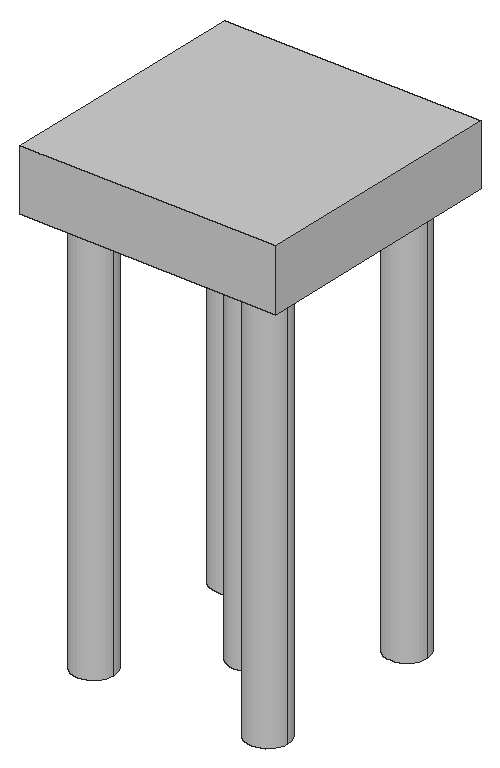
Revit family "Bloco de fundação - 5 Estacas", category Fundações estruturais, Revit 2019
Family settings
  Material para o comportamento do modelo = Outros
  Cap = Não
  Com base no plano de trabalho = Não
  Sempre na vertical = Sim
  Corte com vazios quando carregada = Não
  Compartilhado = Não
Parameters (values of type "3750x3750x900mm")
  Largura = 3750 mm
  Structural Material [instance] = Concreto - Moldado in loco
  Tipo do pilar [instance] = Estaca de concreto : Diâmetro de 600 mm
  Profundidade da estaca [instance] = 6000 mm
  Comprimento = 3750 mm
  Espessura da fundação = 900 mm
  Cortado = 100 mm
  Apuramento = 600 mm
  Código de montagem = "A1010130"
Reference planes
  plane 1 "Centro (Frente/Trás)": y = 0
  plane 2: z = 0
  plane 3 "Centro (Esquerda/Direita)": x = 0
  plane 4: x = -1875
  plane 5: x = 1875
  plane 6: y = 1875
  plane 7: y = -1875
  plane 8: z = -900
  plane 9: x = -1275
  plane 10: x = 1275
  plane 11: y = 1275
  plane 12: y = -1275
  plane 13: z = -800
  plane 14: z = -6900
Forms (mm)
  Extrusion 1, solid, material "Concreto - Moldado in loco" <- "Structural Material"
    sketch origin (0, 0, 0) x (1, 0, 0) y (0, 1, 0)
      loop
        line (-1875, 1875) -> (-1875, -1875) -> (1875, -1875) -> (1875, 1875) -> (-1875, 1875)
    from -900 to 0
Dimensions and locks
  "Largura": plane 4 to plane 5
  "Comprimento": plane 6 to plane 7
  equal spacing: plane 6, plane 1 "Centro (Frente/Trás)", plane 7
  equal spacing: plane 4, plane 3 "Centro (Esquerda/Direita)", plane 5
  "Espessura da fundação": plane 2 to plane 8
  "Apuramento": plane 4 to plane 9
  "Apuramento": plane 10 to plane 5
  "Apuramento": plane 6 to plane 11
  "Apuramento": plane 7 to plane 12
  "Cortado": plane 13 to plane 8
  "Profundidade da estaca": plane 8 to plane 14
  aligned and locked: Extrusion 1 sketch curve to plane 4
  aligned and locked: Extrusion 1 sketch curve to plane 5
  aligned and locked: Extrusion 1 sketch curve to plane 6
  aligned and locked: plane 7 to Extrusion 1 sketch curve
  aligned and locked: level to Extrusion 1
  aligned and locked: Extrusion 1 to plane 8
  aligned and locked: nested 5 to plane 9
  aligned and locked: nested 5 to plane 11
  aligned and locked: nested 1 to plane 12
  aligned and locked: nested 1 to plane 9
  aligned and locked: plane 3 "Centro (Esquerda/Direita)" to nested 3
  aligned and locked: plane 1 "Centro (Frente/Trás)" to nested 3
  aligned and locked: nested 2 to plane 10
  aligned and locked: plane 12 to nested 2
  aligned and locked: plane 11 to nested 4
  aligned and locked: plane 10 to nested 4
  aligned and locked: plane 13 to nested 1
  aligned and locked: nested 5 to plane 13
  aligned and locked: plane 13 to nested 3
  aligned and locked: nested 2 to plane 13
  aligned and locked: plane 13 to nested 4
Nested families
  nested 1: "Estaca de concreto" at (-1275, -1275, -900), type <- "Tipo do pilar", Emblocamento mínimo <- "Cortado", Linear <- "Profundidade da estaca", type "Diâmetro de 600 mm"
    with Structural Material Concreto - Moldado in loco, Emblocamento mínimo 100 mm, Linear 6000 mm
  nested 2: "Estaca de concreto" at (1275, -1275, -900), type <- "Tipo do pilar", Emblocamento mínimo <- "Cortado", Linear <- "Profundidade da estaca", type "Diâmetro de 600 mm"
    with Structural Material Concreto - Moldado in loco, Emblocamento mínimo 100 mm, Linear 6000 mm
  nested 3: "Estaca de concreto" at (0, 0, -900), type <- "Tipo do pilar", Emblocamento mínimo <- "Cortado", Linear <- "Profundidade da estaca", type "Diâmetro de 600 mm"
    with Structural Material Concreto - Moldado in loco, Emblocamento mínimo 100 mm, Linear 6000 mm
  nested 4: "Estaca de concreto" at (1275, 1275, -900), type <- "Tipo do pilar", Emblocamento mínimo <- "Cortado", Linear <- "Profundidade da estaca", type "Diâmetro de 600 mm"
    with Structural Material Concreto - Moldado in loco, Emblocamento mínimo 100 mm, Linear 6000 mm
  nested 5: "Estaca de concreto" at (-1275, 1275, -900), type <- "Tipo do pilar", Emblocamento mínimo <- "Cortado", Linear <- "Profundidade da estaca", type "Diâmetro de 600 mm"
    with Structural Material Concreto - Moldado in loco, Emblocamento mínimo 100 mm, Linear 6000 mm
Definition of nested family "Estaca de concreto"
  Parameters
    Structural Material [instance] = none
    Raio = Diâmetro / 2  # 300 mm
    Emblocamento mínimo [instance] = 100 mm
    Diâmetro = 600 mm
    Linear [instance] = 6000 mm
  Reference planes
    plane 1 "Centro (Frente/Trás)": y = 0
    plane 2: z = 0
    plane 3 "Centro (Esquerda/Direita)": x = 0
    plane 4: z = 100
    plane 5: z = -6000
  Forms (mm)
    Extrusion 1, solid, material <- "Structural Material"
      sketch origin (0, 0, 0) x (1, 0, 0) y (0, 1, 0)
        loop
          circle (0, 0) r 300
      from -6000 to 100
  Dimensions and locks
    "Emblocamento mínimo": plane 4 to plane 2
    "Linear": plane 2 to plane 5
    "Raio": radius of Extrusion 1 sketch curve
    aligned and locked: plane 2 to level
    aligned and locked: plane 1 "Centro (Frente/Trás)" to Extrusion 1 sketch curve
    aligned and locked: plane 3 "Centro (Esquerda/Direita)" to Extrusion 1 sketch curve
    aligned and locked: Extrusion 1 to plane 5
    aligned and locked: plane 4 to Extrusion 1
